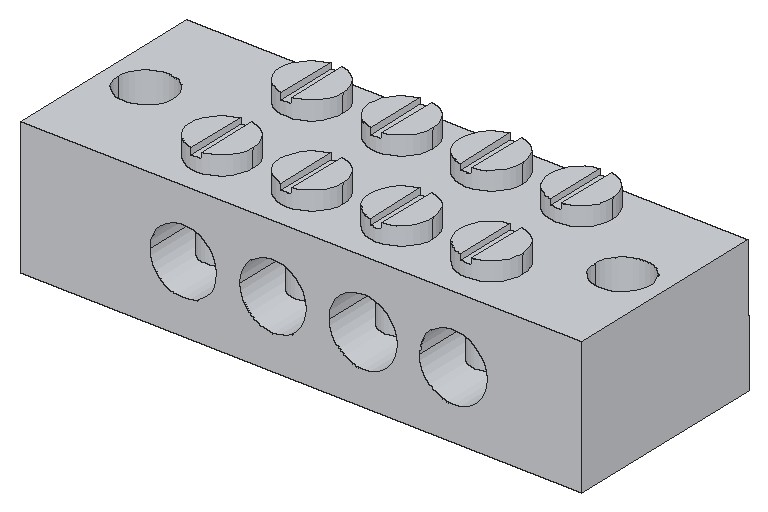
Revit family "EB4", category Generic Models, Revit 2017
Family settings
  Can host rebar = No
  Round Connector Dimension = Use Diameter
  Part Type = Normal
  Work Plane-Based = Yes
  Always vertical = No
  Cut with Voids When Loaded = No
  Shared = No
  Room Calculation Point = No
Parameters (values of type "NBS Standard Parameters")
  Weight = "0.0825Kg"
  WarrantyStartDate [instance] = "1900-12-31T23:59:59"
  WarrantyGuarantorParts = "n/a"
  WarrantyGuarantorLabor = "n/a"
  WarrantyDurationUnit = "1 year"
  WarrantyDurationParts = "n/a"
  WarrantyDurationLabor = "n/a"
  WarrantyDescription = "n/a"
  Version = "1"
  Uniclass2 = "Pr_65_72_97_27"
  TagNumber [instance] = "n/a"
  SustainabilityPerformance = "n/a"
  Size = ""
  Shape = "Rectangular"
  SerialNumber [instance] = "n/a"
  Revision = "n/a"
  ReplacementCost = "n/a"
  ProductInformation = "www.metpro.co.uk/pdf/eb4.pdf"
  NominalWidth = 18.5 mm
  NominalLength = 50 mm
  NominalHeight = 12 mm
  Name = ""
  NBSTypeID = ""
  NBSReference = "90-60-25/485"
  NBSOfficeMasterTag = ""
  NBSNote = ""
  NBSDescription = "Electrical Connection Boxes"
  NBSCertification = ""
  ModelReference = "EB4"
  ModelNumber = "n/a"
  Material = "Brass"
  ManufacturerURL = "www.metpro.co.uk"
  ManufacturerName = "Metpro Ltd"
  Keynote = "Comprises of Terminal Body & 2BA Screws"
  InstallationDate [instance] = "1900-12-31T23:59:59"
  IfcExportType = ""
  IfcExportAs = ""
  Grade = "n/a"
  Finish = "Nickel Plated"
  Features = "n/a"
  ExpectedLife = "n/a"
  DurationUnit = "year"
  Description = "EB4 - 4 Way Earth Block"
  Default Elevation = 1219.2 mm
  Constituents = "n/a"
  Color = "n/a"
  CodePerformance = "n/a"
  Category = "n/a"
  BarCode [instance] = "n/a"
  BIMObjectName = "Metpro_metprolibrary_electricalconnectionbox-Connectorblock_brass"
  Author = "Metpro Limited"
  AssetType = ""
  AssetIdentifier [instance] = "n/a"
  AccessibilityPerformance = "n/a"
Reference planes
  plane 1 "Center (Front/Back)": y = 0
  plane 2: z = 0
  plane 3 "Center (Left/Right)": x = 0
Forms (mm)
  Extrusion 1, solid
    sketch origin (-11.449, -7.188, 21.419) x (0, -1, 0) y (1, 0, 0)
      loop
        line (-10.166, -12.199) -> (8.334, -12.199) -> (8.334, 37.801) -> (-10.166, 37.801) -> (-10.166, -12.199)
      loop
        circle (-0.916, 34.001) r 2.5
      loop
        circle (-0.916, -8.399) r 2.5
    from 0 to 12
  Extrusion 2, void
    sketch origin (6.352, -15.522, 21.419) x (1, 0, 0) y (0, 0, -1)
      loop
        circle (-15.457, -6) r 2.958
      loop
        circle (-7.483, -6) r 2.955
      loop
        circle (0.556, -6) r 3.037
      loop
        circle (8.559, -6) r 3.019
    from 0 to 20.412
  Extrusion 3, solid
    sketch origin (-11.449, -7.188, 33.419) x (0, -1, 0) y (1, 0, 0)
      loop
        circle (-5.916, 2.338) r 1.8
      loop
        circle (-5.916, 10.351) r 1.8
      loop
        circle (-5.916, 18.32) r 1.8
      loop
        circle (-5.916, 26.333) r 1.8
      loop
        circle (4.084, 2.338) r 1.8
      loop
        circle (4.084, 10.351) r 1.8
      loop
        circle (4.084, 18.32) r 1.8
      loop
        circle (4.084, 26.333) r 1.8
    from 0.523 to -7.232
  Extrusion 4, solid
    sketch origin (-11.449, -7.188, 33.942) x (0, -1, 0) y (1, 0, 0)
      loop
        circle (-5.916, 2.338) r 2.8
      loop
        circle (-5.916, 10.351) r 2.8
      loop
        circle (-5.916, 18.32) r 2.8
      loop
        circle (-5.916, 26.333) r 2.8
      loop
        circle (4.084, 2.338) r 2.8
      loop
        circle (4.084, 10.351) r 2.8
      loop
        circle (4.084, 18.32) r 2.8
      loop
        circle (4.084, 26.333) r 2.8
    from 0 to 1.643
  Extrusion 5, void
    sketch origin (-11.449, -7.188, 35.585) x (1, 0, 0) y (0, -1, 0)
      loop
        line (1.801, -9.055) -> (2.801, -9.055) -> (2.801, -2.666) -> (1.801, -2.666) -> (1.801, -9.055)
      loop
        line (9.801, -9.055) -> (10.801, -9.055) -> (10.801, -2.666) -> (9.801, -2.666) -> (9.801, -9.055)
      loop
        line (17.801, -9.055) -> (18.801, -9.055) -> (18.801, -2.666) -> (17.801, -2.666) -> (17.801, -9.055)
      loop
        line (25.801, -9.055) -> (26.801, -9.055) -> (26.801, -2.666) -> (25.801, -2.666) -> (25.801, -9.055)
      loop
        line (1.801, 7.224) -> (1.801, 0.834) -> (2.801, 0.834) -> (2.801, 7.224) -> (1.801, 7.224)
      loop
        line (9.801, 7.224) -> (9.801, 0.834) -> (10.801, 0.834) -> (10.801, 7.224) -> (9.801, 7.224)
      loop
        line (17.801, 7.224) -> (17.801, 0.834) -> (18.801, 0.834) -> (18.801, 7.224) -> (17.801, 7.224)
      loop
        line (25.801, 7.224) -> (25.801, 0.834) -> (26.801, 0.834) -> (26.801, 7.224) -> (25.801, 7.224)
    from 0 to 0.5
Cuts and joins
  Extrusion 2, Extrusion 5 cuts Extrusion 1
  Extrusion 5 cuts Extrusion 3
  Extrusion 5 cuts Extrusion 4
Dimensions and locks
  aligned and locked: level to plane 2
